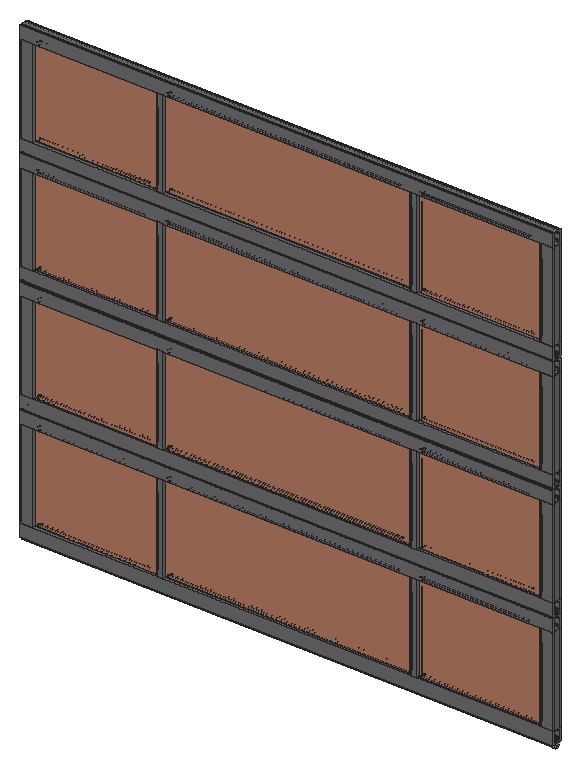
Revit family "GASY 12PUE T1C", category Doors, host Wall, Revit 2024 (continued)
Automatic sketch dimensions
  Sweep 16 sketch curve to Sweep 16 sketch curve = 0.922 mm
  Sweep 16 sketch curve to Sweep 16 sketch curve = 0.163 mm
  Sweep 16 sketch curve to Sweep 16 sketch curve = 1.244 mm
  Sweep 16 sketch curve to Sweep 16 sketch curve = 0.394 mm
  Sweep 16 sketch curve to Sweep 16 sketch curve = 0.4 mm
  Sweep 16 sketch curve to Sweep 16 sketch curve = 0.837 mm
  Sweep 16 sketch curve to Sweep 16 sketch curve = 2.5 mm
  Sweep 17 sketch curve to plane 2 "Center (Left/Right)" = 610 mm
  Sweep 17 sketch curve to plane 3 "Left" = 30.007 mm
  level to Sweep 17 sketch curve = 1032 mm
  Sweep 17 sketch curve to Sweep 17 sketch curve = 413.091 mm
  profile plane to Sweep 17 sketch curve = 0 mm
  profile plane to Sweep 17 sketch curve = 0.455 mm
  profile plane to Sweep 17 sketch curve = 0.6 mm
  Sweep 17 sketch curve to Sweep 17 sketch curve = 0.333 mm
  Sweep 17 sketch curve to Sweep 17 sketch curve = 0.5 mm  (x3)
  profile plane to Sweep 17 sketch curve = 6.899 mm
  Sweep 17 sketch curve to Sweep 17 sketch curve = 1.1 mm
  Sweep 17 sketch curve to Sweep 17 sketch curve = 0.3 mm  (x3)
  Sweep 17 sketch curve to Sweep 17 sketch curve = 1.422 mm
  Sweep 17 sketch curve to Sweep 17 sketch curve = 0.778 mm  (x2)
  Sweep 17 sketch curve to Sweep 17 sketch curve = 2.987 mm
  Sweep 17 sketch curve to Sweep 17 sketch curve = 0.018 mm
  Sweep 17 sketch curve to Sweep 17 sketch curve = 0.095 mm
  Sweep 17 sketch curve to Sweep 17 sketch curve = 0.868 mm
  Sweep 17 sketch curve to Sweep 17 sketch curve = 1.122 mm  (x2)
  Sweep 17 sketch curve to Sweep 17 sketch curve = 0.47 mm
  Sweep 17 sketch curve to Sweep 17 sketch curve = 0.807 mm
  Sweep 17 sketch curve to Sweep 17 sketch curve = 1.2 mm
  Sweep 17 sketch curve to profile plane = 0.833 mm
  Sweep 17 sketch curve to profile plane = 1.4 mm
  Sweep 17 sketch curve to Sweep 17 sketch curve = 0.567 mm
  Sweep 17 sketch curve to Sweep 17 sketch curve = 0.2 mm
  profile plane to Sweep 17 sketch curve = 54.681 mm
  Sweep 17 sketch curve to Sweep 17 sketch curve = 0.212 mm
  Sweep 17 sketch curve to Sweep 17 sketch curve = 1.3 mm
  Sweep 17 sketch curve to Sweep 17 sketch curve = 1.535 mm
  Sweep 17 sketch curve to Sweep 17 sketch curve = 0.7 mm
  Sweep 17 sketch curve to Sweep 17 sketch curve = 0.6 mm
  Sweep 17 sketch curve to Sweep 17 sketch curve = 7.377 mm
  Sweep 17 sketch curve to Sweep 17 sketch curve = 0.456 mm
  Sweep 17 sketch curve to Sweep 17 sketch curve = 1.4 mm
  Sweep 17 sketch curve to Sweep 17 sketch curve = 0.922 mm
  Sweep 17 sketch curve to Sweep 17 sketch curve = 0.163 mm
  Sweep 17 sketch curve to Sweep 17 sketch curve = 1.244 mm
  Sweep 17 sketch curve to Sweep 17 sketch curve = 0.394 mm
  Sweep 17 sketch curve to Sweep 17 sketch curve = 0.4 mm
  Sweep 17 sketch curve to Sweep 17 sketch curve = 0.837 mm
  Sweep 17 sketch curve to Sweep 17 sketch curve = 2.5 mm
  Sweep 18 sketch curve to plane 2 "Center (Left/Right)" = 580 mm
  plane 2 "Center (Left/Right)" to Sweep 18 sketch curve = 580 mm
  level to Sweep 18 sketch curve = 619 mm
  Sweep 18 sketch curve to Sweep 18 sketch curve = 413 mm
  Sweep 18 sketch curve to profile plane = 0 mm
  profile plane to Sweep 18 sketch curve = 0.833 mm
  profile plane to Sweep 18 sketch curve = 1.4 mm
  Sweep 18 sketch curve to Sweep 18 sketch curve = 0.567 mm
  Sweep 18 sketch curve to Sweep 18 sketch curve = 0.2 mm
  Sweep 18 sketch curve to Sweep 18 sketch curve = 0.5 mm  (x3)
  Sweep 18 sketch curve to profile plane = 0.455 mm
  Sweep 18 sketch curve to profile plane = 0.6 mm
  Sweep 18 sketch curve to Sweep 18 sketch curve = 0.333 mm
  Sweep 18 sketch curve to profile plane = 6.899 mm
  Sweep 18 sketch curve to Sweep 18 sketch curve = 1.1 mm
  Sweep 18 sketch curve to Sweep 18 sketch curve = 1.4 mm  (x2)
  Sweep 18 sketch curve to Sweep 18 sketch curve = 1.422 mm
  Sweep 18 sketch curve to Sweep 18 sketch curve = 0.778 mm  (x2)
  Sweep 18 sketch curve to Sweep 18 sketch curve = 2.987 mm
  Sweep 18 sketch curve to Sweep 18 sketch curve = 0.018 mm
  Sweep 18 sketch curve to Sweep 18 sketch curve = 0.095 mm
  Sweep 18 sketch curve to Sweep 18 sketch curve = 0.868 mm
  Sweep 18 sketch curve to Sweep 18 sketch curve = 1.122 mm  (x2)
  Sweep 18 sketch curve to Sweep 18 sketch curve = 0.47 mm
  Sweep 18 sketch curve to Sweep 18 sketch curve = 0.807 mm
  Sweep 18 sketch curve to Sweep 18 sketch curve = 1.2 mm
  profile plane to Sweep 18 sketch curve = 54.681 mm
  Sweep 18 sketch curve to Sweep 18 sketch curve = 0.212 mm
  Sweep 18 sketch curve to Sweep 18 sketch curve = 1.3 mm
  Sweep 18 sketch curve to Sweep 18 sketch curve = 1.535 mm
  Sweep 18 sketch curve to Sweep 18 sketch curve = 0.7 mm
  Sweep 18 sketch curve to Sweep 18 sketch curve = 0.3 mm  (x2)
  Sweep 18 sketch curve to Sweep 18 sketch curve = 0.6 mm
  Sweep 18 sketch curve to Sweep 18 sketch curve = 7.377 mm
  Sweep 18 sketch curve to Sweep 18 sketch curve = 0.456 mm
  Sweep 18 sketch curve to Sweep 18 sketch curve = 0.922 mm
  Sweep 18 sketch curve to Sweep 18 sketch curve = 0.163 mm
  Sweep 18 sketch curve to Sweep 18 sketch curve = 1.244 mm
  Sweep 18 sketch curve to Sweep 18 sketch curve = 0.394 mm
  Sweep 18 sketch curve to Sweep 18 sketch curve = 0.4 mm
  Sweep 18 sketch curve to Sweep 18 sketch curve = 0.837 mm
  Sweep 18 sketch curve to Sweep 18 sketch curve = 2.5 mm
  plane 2 "Center (Left/Right)" to Sweep 19 sketch curve = 610 mm
  plane 4 "Right" to Sweep 19 sketch curve = 30.007 mm
  level to Sweep 19 sketch curve = 79.909 mm
  Sweep 19 sketch curve to Sweep 19 sketch curve = 413.091 mm
  Sweep 19 sketch curve to profile plane = 0 mm
  profile plane to Sweep 19 sketch curve = 0.833 mm
  profile plane to Sweep 19 sketch curve = 1.4 mm
  Sweep 19 sketch curve to Sweep 19 sketch curve = 0.567 mm
  Sweep 19 sketch curve to Sweep 19 sketch curve = 0.2 mm
  Sweep 19 sketch curve to Sweep 19 sketch curve = 0.5 mm  (x3)
  Sweep 19 sketch curve to profile plane = 0.455 mm
  Sweep 19 sketch curve to profile plane = 0.6 mm
  Sweep 19 sketch curve to Sweep 19 sketch curve = 0.333 mm
  Sweep 19 sketch curve to profile plane = 6.899 mm
  Sweep 19 sketch curve to Sweep 19 sketch curve = 1.1 mm
  Sweep 19 sketch curve to Sweep 19 sketch curve = 1.4 mm  (x2)
  Sweep 19 sketch curve to Sweep 19 sketch curve = 1.422 mm
  Sweep 19 sketch curve to Sweep 19 sketch curve = 0.778 mm  (x2)
  Sweep 19 sketch curve to Sweep 19 sketch curve = 2.987 mm
  Sweep 19 sketch curve to Sweep 19 sketch curve = 0.018 mm
  Sweep 19 sketch curve to Sweep 19 sketch curve = 0.095 mm
  Sweep 19 sketch curve to Sweep 19 sketch curve = 0.868 mm
  Sweep 19 sketch curve to Sweep 19 sketch curve = 1.122 mm  (x2)
  Sweep 19 sketch curve to Sweep 19 sketch curve = 0.47 mm
  Sweep 19 sketch curve to Sweep 19 sketch curve = 0.807 mm
  Sweep 19 sketch curve to Sweep 19 sketch curve = 1.2 mm
  profile plane to Sweep 19 sketch curve = 54.681 mm
  Sweep 19 sketch curve to Sweep 19 sketch curve = 0.212 mm
  Sweep 19 sketch curve to Sweep 19 sketch curve = 1.3 mm
  Sweep 19 sketch curve to Sweep 19 sketch curve = 1.535 mm
  Sweep 19 sketch curve to Sweep 19 sketch curve = 0.7 mm
  Sweep 19 sketch curve to Sweep 19 sketch curve = 0.3 mm  (x2)
  Sweep 19 sketch curve to Sweep 19 sketch curve = 0.6 mm
  Sweep 19 sketch curve to Sweep 19 sketch curve = 7.377 mm
  Sweep 19 sketch curve to Sweep 19 sketch curve = 0.456 mm
  Sweep 19 sketch curve to Sweep 19 sketch curve = 0.922 mm
  Sweep 19 sketch curve to Sweep 19 sketch curve = 0.163 mm
  Sweep 19 sketch curve to Sweep 19 sketch curve = 1.244 mm
  Sweep 19 sketch curve to Sweep 19 sketch curve = 0.394 mm
  Sweep 19 sketch curve to Sweep 19 sketch curve = 0.4 mm
  Sweep 19 sketch curve to Sweep 19 sketch curve = 0.837 mm
  Sweep 19 sketch curve to Sweep 19 sketch curve = 2.5 mm
  Sweep 20 sketch curve to plane 2 "Center (Left/Right)" = 610 mm
  Sweep 20 sketch curve to plane 3 "Left" = 30.007 mm
  level to Sweep 20 sketch curve = 493 mm
  level to Sweep 20 sketch curve = 79.909 mm
  profile plane to Sweep 20 sketch curve = 0 mm
  profile plane to Sweep 20 sketch curve = 0.455 mm
  profile plane to Sweep 20 sketch curve = 0.6 mm
  Sweep 20 sketch curve to Sweep 20 sketch curve = 0.333 mm
  Sweep 20 sketch curve to Sweep 20 sketch curve = 0.5 mm  (x3)
  profile plane to Sweep 20 sketch curve = 6.899 mm
  Sweep 20 sketch curve to Sweep 20 sketch curve = 1.1 mm
  Sweep 20 sketch curve to Sweep 20 sketch curve = 0.3 mm  (x3)
  Sweep 20 sketch curve to Sweep 20 sketch curve = 1.422 mm
  Sweep 20 sketch curve to Sweep 20 sketch curve = 0.778 mm  (x2)
  Sweep 20 sketch curve to Sweep 20 sketch curve = 2.987 mm
  Sweep 20 sketch curve to Sweep 20 sketch curve = 0.018 mm
  Sweep 20 sketch curve to Sweep 20 sketch curve = 0.095 mm
  Sweep 20 sketch curve to Sweep 20 sketch curve = 0.868 mm
  Sweep 20 sketch curve to Sweep 20 sketch curve = 1.122 mm  (x2)
  Sweep 20 sketch curve to Sweep 20 sketch curve = 0.47 mm
  Sweep 20 sketch curve to Sweep 20 sketch curve = 0.807 mm
  Sweep 20 sketch curve to Sweep 20 sketch curve = 1.2 mm
  Sweep 20 sketch curve to Sweep 20 sketch curve = 0.833 mm
  Sweep 20 sketch curve to profile plane = 1.4 mm
  Sweep 20 sketch curve to Sweep 20 sketch curve = 0.567 mm
  Sweep 20 sketch curve to Sweep 20 sketch curve = 0.2 mm
  profile plane to Sweep 20 sketch curve = 54.681 mm
  Sweep 20 sketch curve to Sweep 20 sketch curve = 0.212 mm
  Sweep 20 sketch curve to Sweep 20 sketch curve = 1.3 mm
  Sweep 20 sketch curve to Sweep 20 sketch curve = 1.535 mm
  Sweep 20 sketch curve to Sweep 20 sketch curve = 0.7 mm
  Sweep 20 sketch curve to Sweep 20 sketch curve = 0.6 mm
  Sweep 20 sketch curve to Sweep 20 sketch curve = 7.377 mm
  Sweep 20 sketch curve to Sweep 20 sketch curve = 0.456 mm
  Sweep 20 sketch curve to Sweep 20 sketch curve = 1.4 mm
  Sweep 20 sketch curve to Sweep 20 sketch curve = 0.922 mm
  Sweep 20 sketch curve to Sweep 20 sketch curve = 0.163 mm
  Sweep 20 sketch curve to Sweep 20 sketch curve = 1.244 mm
  Sweep 20 sketch curve to Sweep 20 sketch curve = 0.394 mm
  Sweep 20 sketch curve to Sweep 20 sketch curve = 0.4 mm
  Sweep 20 sketch curve to Sweep 20 sketch curve = 0.837 mm
  Sweep 20 sketch curve to Sweep 20 sketch curve = 2.5 mm
  Sweep 21 sketch curve to plane 2 "Center (Left/Right)" = 580 mm
  level to Sweep 21 sketch curve = 80 mm
  plane 2 "Center (Left/Right)" to Sweep 21 sketch curve = 580 mm
  Sweep 21 sketch curve to Sweep 21 sketch curve = 413 mm
  Sweep 21 sketch curve to profile plane = 0 mm
  profile plane to Sweep 21 sketch curve = 0.833 mm
  profile plane to Sweep 21 sketch curve = 1.4 mm
  Sweep 21 sketch curve to Sweep 21 sketch curve = 0.567 mm
  Sweep 21 sketch curve to Sweep 21 sketch curve = 0.2 mm
  Sweep 21 sketch curve to Sweep 21 sketch curve = 0.5 mm  (x3)
  Sweep 21 sketch curve to profile plane = 0.455 mm
  Sweep 21 sketch curve to profile plane = 0.6 mm
  Sweep 21 sketch curve to Sweep 21 sketch curve = 0.333 mm
  Sweep 21 sketch curve to profile plane = 6.899 mm
  Sweep 21 sketch curve to Sweep 21 sketch curve = 1.1 mm
  Sweep 21 sketch curve to Sweep 21 sketch curve = 1.4 mm  (x2)
  Sweep 21 sketch curve to Sweep 21 sketch curve = 1.422 mm
  Sweep 21 sketch curve to Sweep 21 sketch curve = 0.778 mm  (x2)
  Sweep 21 sketch curve to Sweep 21 sketch curve = 2.987 mm
  Sweep 21 sketch curve to Sweep 21 sketch curve = 0.018 mm
  Sweep 21 sketch curve to Sweep 21 sketch curve = 0.095 mm
  Sweep 21 sketch curve to Sweep 21 sketch curve = 0.868 mm
  Sweep 21 sketch curve to Sweep 21 sketch curve = 1.122 mm  (x2)
  Sweep 21 sketch curve to Sweep 21 sketch curve = 0.47 mm
  Sweep 21 sketch curve to Sweep 21 sketch curve = 0.807 mm
  Sweep 21 sketch curve to Sweep 21 sketch curve = 1.2 mm
  profile plane to Sweep 21 sketch curve = 54.681 mm
  Sweep 21 sketch curve to Sweep 21 sketch curve = 0.212 mm
  Sweep 21 sketch curve to Sweep 21 sketch curve = 1.3 mm
  Sweep 21 sketch curve to Sweep 21 sketch curve = 1.535 mm
  Sweep 21 sketch curve to Sweep 21 sketch curve = 0.7 mm
  Sweep 21 sketch curve to Sweep 21 sketch curve = 0.3 mm  (x2)
  Sweep 21 sketch curve to Sweep 21 sketch curve = 0.6 mm
  Sweep 21 sketch curve to Sweep 21 sketch curve = 7.377 mm
  Sweep 21 sketch curve to Sweep 21 sketch curve = 0.456 mm
  Sweep 21 sketch curve to Sweep 21 sketch curve = 0.922 mm
  Sweep 21 sketch curve to Sweep 21 sketch curve = 0.163 mm
  Sweep 21 sketch curve to Sweep 21 sketch curve = 1.244 mm
  Sweep 21 sketch curve to Sweep 21 sketch curve = 0.394 mm
  Sweep 21 sketch curve to Sweep 21 sketch curve = 0.4 mm
  Sweep 21 sketch curve to Sweep 21 sketch curve = 0.837 mm
  Sweep 21 sketch curve to Sweep 21 sketch curve = 2.5 mm
  Extrusion 22 sketch curve to plane 12 = 32.416 mm
  Extrusion 22 sketch curve to plane 12 = 27.416 mm  (x6)
  Extrusion 22 sketch curve to Extrusion 22 sketch curve = 9 mm  (x2)
  Extrusion 22 sketch curve to Extrusion 22 sketch curve = 4 mm  (x5)
  plane 5 to Extrusion 22 sketch curve = 564.007 mm
  Extrusion 22 sketch curve to Extrusion 22 sketch curve = 67.5 mm  (x2)
  Extrusion 22 sketch curve to Extrusion 22 sketch curve = 8 mm  (x6)
  Extrusion 22 sketch curve to Extrusion 22 sketch curve = 46 mm  (x5)
  Extrusion 23 sketch curve to plane 12 = 32.416 mm
  Extrusion 23 sketch curve to plane 12 = 27.416 mm  (x6)
  Extrusion 23 sketch curve to Extrusion 23 sketch curve = 9 mm  (x2)
  Extrusion 23 sketch curve to Extrusion 23 sketch curve = 4 mm  (x5)
  level to Extrusion 23 sketch curve = 1031.993 mm
  Extrusion 23 sketch curve to Extrusion 23 sketch curve = 67.5 mm  (x2)
  Extrusion 23 sketch curve to Extrusion 23 sketch curve = 8 mm  (x6)
  Extrusion 23 sketch curve to Extrusion 23 sketch curve = 46 mm  (x5)
  Extrusion 24 sketch curve to plane 12 = 32.416 mm
  Extrusion 24 sketch curve to plane 12 = 27.416 mm  (x6)
  Extrusion 24 sketch curve to Extrusion 24 sketch curve = 9 mm  (x2)
  Extrusion 24 sketch curve to Extrusion 24 sketch curve = 4 mm  (x5)
  level to Extrusion 24 sketch curve = 492.993 mm
  Extrusion 24 sketch curve to Extrusion 24 sketch curve = 67.5 mm  (x2)
  Extrusion 24 sketch curve to Extrusion 24 sketch curve = 8 mm  (x6)
  Extrusion 24 sketch curve to Extrusion 24 sketch curve = 46 mm  (x5)
  Extrusion 25 sketch curve to plane 12 = 32.416 mm
  Extrusion 25 sketch curve to plane 12 = 27.416 mm  (x6)
  Extrusion 25 sketch curve to Extrusion 25 sketch curve = 9 mm  (x2)
  Extrusion 25 sketch curve to Extrusion 25 sketch curve = 4 mm  (x5)
  plane 5 to Extrusion 25 sketch curve = 25 mm
  Extrusion 25 sketch curve to Extrusion 25 sketch curve = 67.5 mm  (x2)
  Extrusion 25 sketch curve to Extrusion 25 sketch curve = 8 mm  (x6)
  Extrusion 25 sketch curve to Extrusion 25 sketch curve = 46 mm  (x5)
  Extrusion 26 sketch curve to plane 12 = 32.416 mm
  Extrusion 26 sketch curve to plane 12 = 27.416 mm  (x6)
  Extrusion 26 sketch curve to Extrusion 26 sketch curve = 9 mm  (x2)
  Extrusion 26 sketch curve to Extrusion 26 sketch curve = 4 mm  (x5)
  plane 5 to Extrusion 26 sketch curve = 438 mm
  Extrusion 26 sketch curve to Extrusion 26 sketch curve = 67.5 mm
  Extrusion 26 sketch curve to Extrusion 26 sketch curve = 8 mm  (x6)
  Extrusion 26 sketch curve to Extrusion 26 sketch curve = 46 mm  (x5)
  plane 5 to Extrusion 26 sketch curve = 25 mm
  Extrusion 27 sketch curve to plane 12 = 32.416 mm
  Extrusion 27 sketch curve to plane 12 = 27.416 mm  (x6)
  Extrusion 27 sketch curve to Extrusion 27 sketch curve = 9 mm  (x2)
  Extrusion 27 sketch curve to Extrusion 27 sketch curve = 4 mm  (x5)
  plane 5 to Extrusion 27 sketch curve = 564 mm
  Extrusion 27 sketch curve to Extrusion 27 sketch curve = 67.5 mm  (x2)
  Extrusion 27 sketch curve to Extrusion 27 sketch curve = 8 mm  (x6)
  Extrusion 27 sketch curve to Extrusion 27 sketch curve = 46 mm  (x5)
  Extrusion 28 sketch curve to plane 12 = 32.416 mm
  Extrusion 28 sketch curve to plane 12 = 27.416 mm  (x6)
  Extrusion 28 sketch curve to Extrusion 28 sketch curve = 9 mm  (x2)
  Extrusion 28 sketch curve to Extrusion 28 sketch curve = 4 mm  (x5)
  plane 5 to Extrusion 28 sketch curve = 977 mm
  Extrusion 28 sketch curve to Extrusion 28 sketch curve = 67.5 mm  (x2)
  Extrusion 28 sketch curve to Extrusion 28 sketch curve = 8 mm  (x6)
  Extrusion 28 sketch curve to Extrusion 28 sketch curve = 46 mm  (x5)
  Extrusion 29 sketch curve to plane 12 = 32.416 mm
  Extrusion 29 sketch curve to plane 12 = 27.416 mm  (x6)
  Extrusion 29 sketch curve to Extrusion 29 sketch curve = 9 mm  (x2)
  Extrusion 29 sketch curve to Extrusion 29 sketch curve = 4 mm  (x5)
  level to Extrusion 29 sketch curve = 1032 mm
  Extrusion 29 sketch curve to Extrusion 29 sketch curve = 67.5 mm  (x2)
  Extrusion 29 sketch curve to Extrusion 29 sketch curve = 8 mm  (x6)
  Extrusion 29 sketch curve to Extrusion 29 sketch curve = 46 mm  (x5)
  Extrusion 30 sketch curve to plane 12 = 32.416 mm
  Extrusion 30 sketch curve to plane 12 = 27.416 mm  (x6)
  Extrusion 30 sketch curve to Extrusion 30 sketch curve = 9 mm  (x2)
  Extrusion 30 sketch curve to Extrusion 30 sketch curve = 4 mm  (x5)
  level to Extrusion 30 sketch curve = 619 mm
  Extrusion 30 sketch curve to Extrusion 30 sketch curve = 67.5 mm  (x2)
  Extrusion 30 sketch curve to Extrusion 30 sketch curve = 8 mm  (x6)
  Extrusion 30 sketch curve to Extrusion 30 sketch curve = 46 mm  (x5)
  Extrusion 31 sketch curve to plane 12 = 32.416 mm
  Extrusion 31 sketch curve to plane 12 = 27.416 mm  (x6)
  Extrusion 31 sketch curve to Extrusion 31 sketch curve = 9 mm  (x2)
  Extrusion 31 sketch curve to Extrusion 31 sketch curve = 4 mm  (x5)
  level to Extrusion 31 sketch curve = 493 mm
  Extrusion 31 sketch curve to Extrusion 31 sketch curve = 67.5 mm  (x2)
  Extrusion 31 sketch curve to Extrusion 31 sketch curve = 8 mm  (x6)
  Extrusion 31 sketch curve to Extrusion 31 sketch curve = 46 mm  (x5)
  Extrusion 32 sketch curve to plane 12 = 32.416 mm
  Extrusion 32 sketch curve to plane 12 = 27.416 mm  (x6)
  Extrusion 32 sketch curve to Extrusion 32 sketch curve = 9 mm  (x2)
  Extrusion 32 sketch curve to Extrusion 32 sketch curve = 4 mm  (x5)
  level to Extrusion 32 sketch curve = 80 mm
  Extrusion 32 sketch curve to Extrusion 32 sketch curve = 67.5 mm  (x2)
  Extrusion 32 sketch curve to Extrusion 32 sketch curve = 8 mm  (x6)
  Extrusion 32 sketch curve to Extrusion 32 sketch curve = 46 mm  (x5)
